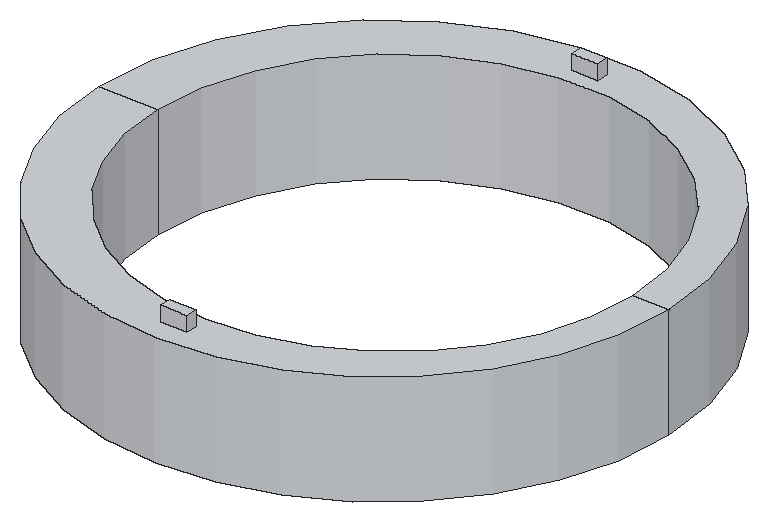
Revit family "MI-800", category Pipe Accessories, Revit 2018
Family settings
  Round Connector Dimension = Use Diameter
  Part Type = Normal
  Work Plane-Based = No
  Always vertical = Yes
  Cut with Voids When Loaded = No
  Shared = No
Parameters (values of type "MI-800-6")
  Visible = no
  URL = "WWW.MIFAB.COM"
  Model = "MI-800"
  Manufacturer = "MIFAB"
  E = 0' - 4 75/256"
  Description = "FEMALE THREADED ECCENTRIC REDUCER BUSHING"
  D = 0' - 0 15/128"
  C-Height = 0' - 1 23/128"
  B- F.P.T. Pipe Size = 0' - 5"
  A-M.PT.Pipe Size = 0' - 6"
Types (6): name | E | D | C-Height | B- F.P.T. Pipe Size | A-M.PT.Pipe Size
  (no name) | 0' - 4 75/256" | 0' - 0 15/128" | 0' - 1 23/128" | 0' - 5" | 0' - 6"
  MI-800-2 | 0' - 2 163/256" | 0' - 0 25/128" | 0' - 0 111/128" | 0' - 2" | 0' - 3"
  MI-800-3 | 0' - 3" | 0' - 0 171/256" | 0' - 1 23/128" | 0' - 2" | 0' - 4"
  MI-800-4 | 0' - 3 139/256" | 0' - 0 15/128" | 0' - 1 23/128" | 0' - 3" | 0' - 4"
  MI-800-6-4 | 0' - 4 75/256" | 0' - 0 15/128" | 0' - 1 23/128" | 0' - 4" | 0' - 6"
  MI-800-6 | 0' - 4 75/256" | 0' - 0 15/128" | 0' - 1 23/128" | 0' - 5" | 0' - 6"
Reference planes (in)
  plane 1 "Center (Front/Back)": y = 0
  plane 2: z = 0
  plane 3 "Center (Left/Right)": x = 0
  plane 4: x = 3
  plane 5: x = -3
  plane 6: z = 1.17969
  plane 7: x = 0.11719
  plane 8: y = 2.14648
  plane 9: y = -2.14648
Forms (in)
  Revolve 1, solid
    sketch origin (0, 0, 0) x (1, 0, 0) y (0, 0, 1)
      loop
        line (3, 1.17969) -> (0, 1.17969) -> (0, 0) -> (3, 0) -> (3, 1.17969)
      axis (0, 0) -> (0, 1.17969)
    angle from 0 to 360
  Extrusion 2, void
    sketch origin (0, 0, 0) x (1, 0, 0) y (0, 1, 0)
      loop
        circle (0.11719, 0) r 2.5
    from 0 to 1.17969
  Extrusion 3, solid, material "Glass", visible <- "Visible"
    sketch origin (0, 0, 0) x (1, 0, 0) y (0, 1, 0)
      loop
        circle (0.11719, 0) r 2.5
    from 0 to 1.17969
Cuts and joins
  Extrusion 2 cuts Revolve 1
Dimensions and locks (in)
  equal spacing: plane 5, plane 3 "Center (Left/Right)", plane 4
  "A-M.PT.Pipe Size": plane 5 to plane 4
  "C-Height": plane 6 to plane 2
  "D": plane 3 "Center (Left/Right)" to plane 7
  equal spacing: plane 9, plane 1 "Center (Front/Back)", plane 8
  "E": plane 9 to plane 8
  locked: cut or joined group of Revolve 1, Extrusion 2 to nested 1 at 0.20425
  locked: nested 2 to cut or joined group of Revolve 1, Extrusion 2 at 0.20425
  "B- F.P.T. Pipe Size": diameter of Extrusion 2 sketch curve
  "B- F.P.T. Pipe Size": diameter of Extrusion 3 sketch curve
  aligned and locked: level to plane 2
  aligned and locked: plane 6 to Revolve 1 sketch curve
  aligned and locked: plane 4 to Revolve 1 sketch curve
  aligned and locked: Revolve 1 sketch curve to plane 2
  aligned and locked: Revolve 1 sketch curve to plane 3 "Center (Left/Right)"
  aligned and locked: plane 7 to Extrusion 2 sketch curve
  aligned and locked: plane 1 "Center (Front/Back)" to Extrusion 2 sketch curve
  aligned and locked: Extrusion 2 to level
  aligned and locked: plane 6 to Extrusion 2
  aligned and locked: plane 3 "Center (Left/Right)" to nested 1
  aligned and locked: plane 7 to Extrusion 3 sketch curve
  aligned and locked: plane 1 "Center (Front/Back)" to Extrusion 3 sketch curve
  aligned and locked: plane 6 to Extrusion 3
  aligned and locked: Extrusion 3 to level
Automatic sketch dimensions
  Revolve 1 sketch curve to plane 3 "Center (Left/Right)" = 0' - 0"
  plane 6 to Revolve 1 sketch curve = 0' - 8"
  Revolve 1 sketch curve to Revolve 1 sketch curve = 0' - 7"
Nested families (in)
  nested 1: "Cast Iran-1" at (0, 2.70425, 1.17969), type "Cast Iran-1"
  nested 2: "Cast Iran-1" at (0, -2.70425, 1.17969), type "Cast Iran-1"
Connectors (in)
  piping at (0.11719, 0, 1.17969), diameter 5, driven by "B- F.P.T. Pipe Size"
    settings: on Extrusion 3, index 1, connector inside diameter 609.6 mm, connector length 0' - 0", flow factor 0, pipe flow 0.0 L/s, pressure drop 0.0 Pa, fitting loss kfactor 0, connector angle 0.00°, fixture units 0, engagement length 0' - 0", angle of deflection 0.00°, flow configuration 0, flow direction 0, fitting loss method 0, system type 7, joint type 0, gender type 0, connector reference index -1, connector utility 0, adjustable connector no, is connector primary yes, connector description ""
  piping at (0.11719, 0, 0), diameter 5, driven by "B- F.P.T. Pipe Size"
    settings: on Extrusion 3, index 2, connector inside diameter 609.6 mm, connector length 0' - 0", flow factor 0, pipe flow 0.0 L/s, pressure drop 0.0 Pa, fitting loss kfactor 0, connector angle 0.00°, fixture units 0, engagement length 0' - 0", angle of deflection 0.00°, flow configuration 0, flow direction 0, fitting loss method 0, system type 7, joint type 0, gender type 0, connector reference index -1, connector utility 0, adjustable connector no, is connector primary no, connector description ""
Definition of nested family "Cast Iran-1"
  Parameters (values of type "Cast Iran-1")
    Default Elevation = 4' - 0"
  Reference planes (in)
    plane 1 "Center (Front/Back)": y = 0
    plane 2: z = 0
    plane 3 "Center (Left/Right)": x = 0
  Forms (in)
    Extrusion 1, solid
      sketch origin (0, 0, 0) x (1, 0, 0) y (0, 1, 0)
        loop
          line (-48, 48) -> (-48, -48) -> (48, -48) -> (48, 48) -> (-48, 48)
      from 0 to -12
    Extrusion 2, solid
      sketch origin (0, -15.70264, -18) x (1, 0, 0) y (0, 1, 0)
        loop
          line (-0.13863, 15.7604) -> (-0.13863, 15.64488) -> (0.13863, 15.64488) -> (0.13863, 15.7604) -> (-0.13863, 15.7604)
      from 18.15804 to 18
  Dimensions and locks (in)
    aligned and locked: plane 2 to Extrusion 1
    aligned and locked: level to Extrusion 1
